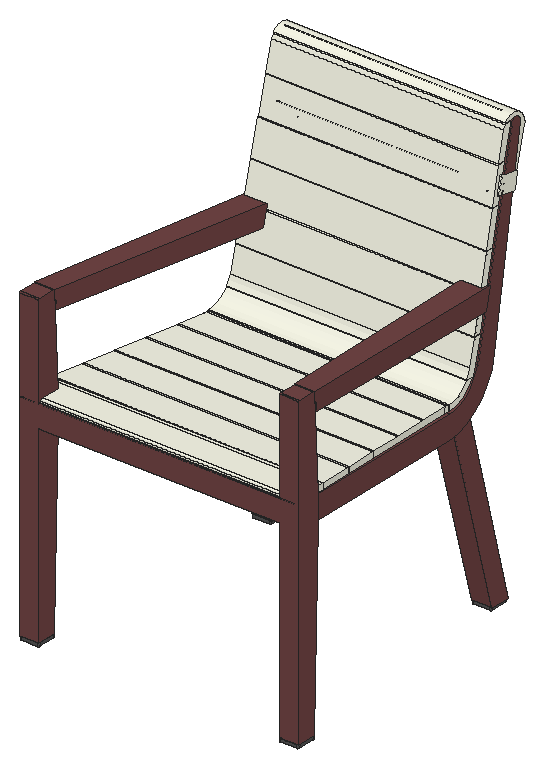
Revit family "Haworth_Janus_Quinta_Chair_Side", category Furniture, Revit 2018
Family settings
  OmniClass Number = 23.40.70.14.64.21
  OmniClass Title = Systems Furniture
  Work Plane-Based = No
  Always vertical = Yes
  Cut with Voids When Loaded = No
  Shared = No
  Room Calculation Point = No
Parameters (values of type "HCJC-QN-SA-J - With Arms - Fiber Frame - With Cushion")
  Without Arms = not(With Arms)  # no
  With Arms = yes
  Warranty = "https://www.haworth.com/resources/product-info/warranties"
  URL - Product = "https://www.haworth.com/products/seating/outdoor/quinta"
  Type Comments = ""
  Support Finish [instance] = Haworth _ Fabric _ JANUSfiber _ Bronze JJF-40
  Cushion Finish [instance] = Haworth _ Fabric _ JANUS _ Limestone JQ1-98
  Cushion = yes
  Arm Height = if(With Arms, 26 1/4", 18 1/4")  # 26 1/4"
  Model = "HCJC-QN-SA-J"
  URL = "http://www.haworth.com/our-brands/haworth-collection"
  Size = "Verify Final Dim. w/ Haworth"  # constant formula
  Revision Number = "2"  # constant formula
  Manufacturer = "Haworth"  # constant formula
  Seat Height = 18 1/4"  # constant formula
  Glide Finish = Haworth _ Polymer _ Black
  Description = "Haworth Janus Quinta - Side Chair with Arms"
  Author = "Haworth (Abd Rahman)"  # constant formula
  Assembly Code = "E2020200"
  Actual Width = if(With Arms, 23 1/2", 20 1/2")  # 23 1/2"
  Actual Height = 36"  # constant formula
  Actual Depth = 25 3/4"  # constant formula
Types (9): name | Without Arms | With Arms | Support Finish | Cushion | Arm Height | Model | Description | Actual Width
  (no name) | no | yes | Haworth _ Fabric _ JANUSfiber _ Bronze JJF-40 | yes | 26 1/4" | "HCJC-QN-SA-J" | "Haworth Janus Quinta - Side Chair with Arms" | 23 1/2"
  HCJC-QN-SA-J - With Arms - Fiber Frame - With Cushion | no | yes | Haworth _ Fabric _ JANUSfiber _ Bronze JJF-40 | yes | 26 1/4" | "HCJC-QN-SA-J" | "Haworth Janus Quinta - Side Chair with Arms" | 23 1/2"
  HCJC-QN-SN-W - Without Arms - Wood Frame - With Cushion | yes | no | Haworth _ Wood _ JanusQuinta _ Natural Teak JW1-97 | yes | 18 1/4" | "HCJC-QN-SN-W" | "Haworth Janus Quinta - Side Chair" | 20 1/2"
  HCJC-QN-SA-J - With Arms - Fiber Frame - No Cushion | no | yes | Haworth _ Fabric _ JANUSfiber _ Bronze JJF-40 | no | 26 1/4" | "HCJC-QN-SA-J" | "Haworth Janus Quinta - Side Chair with Arms" | 23 1/2"
  HCJC-QN-SN-J - Without Arms - Fiber Frame - No Cushion | yes | no | Haworth _ Fabric _ JANUSfiber _ Bronze JJF-40 | no | 18 1/4" | "HCJC-QN-SN-J" | "Haworth Janus Quinta - Side Chair" | 20 1/2"
  HCJC-QN-SA-W - With Arms - Wood Frame - No Cushion | no | yes | Haworth _ Wood _ JanusQuinta _ Natural Teak JW1-97 | no | 26 1/4" | "HCJC-QN-SA-W" | "Haworth Janus Quinta - Side Chair with Arms" | 23 1/2"
  HCJC-QN-SA-W - With Arms - Wood Frame - With Cushion | no | yes | Haworth _ Wood _ JanusQuinta _ Natural Teak JW1-97 | yes | 26 1/4" | "HCJC-QN-SA-W" | "Haworth Janus Quinta - Side Chair with Arms" | 23 1/2"
  HCJC-QN-SN-W - Without Arms - Wood Frame - No Cushion | yes | no | Haworth _ Wood _ JanusQuinta _ Natural Teak JW1-97 | no | 18 1/4" | "HCJC-QN-SN-W" | "Haworth Janus Quinta - Side Chair" | 20 1/2"
  HCJC-QN-SN-J - Without Arms - Fiber Frame - With Cushion | yes | no | Haworth _ Fabric _ JANUSfiber _ Bronze JJF-40 | yes | 18 1/4" | "HCJC-QN-SN-J" | "Haworth Janus Quinta - Side Chair" | 20 1/2"
Reference planes (in)
  plane 1 "Center F/B": y = -0.15866
  plane 2 "Floor": z = 0
  plane 3 "Center L/R": x = -0.125
  plane 4: z = 0
  plane 5: x = -11.875
  plane 6: y = 12.71634
  plane 7: y = -13.03366
  plane 8: x = 11.625
  plane 9 "Arm Height": z = 26.25
  plane 10: z = 0.25
  plane 11 "Leg Height": z = 18.25
  plane 12: z = 36
  plane 13 "Back leg 1": through (480, 5.25508, 15.13674) normal (0, 0.9644, 0.2643)
  plane 14 "Back leg 2": through (480, 6.93092, 15.6137) normal (0, 0.9677, 0.2521)
  plane 15: x = 10.02799
  plane 16: x = -10.27799
  plane 17: x = 8.28872
  plane 18: x = -8.53872
Forms (in)
  Extrusion 1, solid, material "Haworth _ Fabric _ JANUSfiber _ Bronze JJF-40" <- "Support Finish", visible <- "With Arms"
    sketch origin (-0.125, 0, 0) x (0, 1, 0) y (0, 0, 1)
      loop
        line (-11.45854, 26.23172) -> (-11.38468, 24.7067) -> (8.63761, 22.93896) -> (9.0611, 24.65913) -> (-11.45854, 26.23172)
    from 7.85551 to 12
  Extrusion 2, void
    sketch origin (0, 0, 0) x (1, 0, 0) y (0, 1, 0)
      loop
        line (11.71426, -11.7153) -> (12.49028, -11.7153) -> (12.49028, 9.2847) -> (9.99028, 9.2847) -> (11.71426, -11.7153)
      loop
        line (7.99639, 9.06112) -> (7.95953, 9.42999) -> (7.45953, 9.42999) -> (7.45953, -11.91514) -> (9.97618, -11.91514) -> (9.97618, -11.51545) -> (7.99639, 9.06112)
    from 14.27881 to 27.46666
  Extrusion 3, solid, material "Haworth _ Fabric _ JANUSfiber _ Bronze JJF-40" <- "Support Finish", visible <- "With Arms"
    sketch origin (-0.125, 0, 0) x (0, 1, 0) y (0, 0, -1)
      loop
        line (-11.45705, -26.24922) -> (9.06535, -24.67643) -> (8.63761, -22.93896) -> (-11.39684, -24.70778) -> (-11.45705, -26.24922)
    from 7.85551 to 12
  Extrusion 4, solid, material "Haworth _ Fabric _ JANUSfiber _ Bronze JJF-40" <- "Support Finish"
    sketch origin (-0.125, 0, 0) x (0, 1, 0) y (0, 0, 1)
      loop
        line (5.2517, 15.14906) -> (9.33519, 0.25) -> (10.93347, 0.25) -> (6.92493, 15.63671)
        arc (6.92493, 15.63671) -> (6.11207, 15.31137) -> (5.2517, 15.14906) r 4.51438
    from 8.41372 to 10.15299
  Extrusion 5, solid, material "Haworth _ Fabric _ JANUSfiber _ Bronze JJF-40" <- "Support Finish"
    sketch origin (-0.125, 0, 0) x (0, 1, 0) y (0, 0, -1)
      loop
        arc (5.24793, -15.16282) -> (6.10575, -15.3418) -> (6.91283, -15.68313) r 4.51438
        line (6.91283, -15.68313) -> (10.93347, -0.25) -> (9.33519, -0.25) -> (5.24793, -15.16282)
    from 8.41372 to 10.15299
  Extrusion 6, solid, material "Haworth _ Fabric _ JANUSfiber _ Bronze JJF-40" <- "Support Finish"
    sketch origin (-0.125, 0, 0.17962) x (0, 1, 0) y (0, 0, 1)
      loop
        line (-13.03366, 16.28384) -> (4.38484, 14.946)
        arc (4.38484, 14.946) -> (7.81051, 15.96375) -> (9.68181, 19.00829) r 5
        line (9.68181, 19.00829) -> (12.71665, 35.16543)
        arc (12.71665, 35.16543) -> (12.3312, 35.74638) -> (11.73974, 35.37726) r 0.5
        line (11.73974, 35.37726) -> (7.7431, 19.14333)
        arc (7.7431, 19.14333) -> (6.58892, 17.43016) -> (4.60084, 16.86925) r 3
        line (4.60084, 16.86925) -> (-13.03366, 18.22073) -> (-13.03366, 16.28384)
    from -11.75 to 11.75
  Extrusion 7, void
    sketch origin (0, 0, 0) x (1, 0, 0) y (0, 1, 0)
      loop
        line (-11.84957, -11.20717) -> (-9.81189, 13.61555) -> (-12.87816, 13.61555) -> (-12.87816, -11.20717) -> (-11.84957, -11.20717)
    from 13.03853 to 36.94343
  Extrusion 8, void
    sketch origin (-0.25, 0, 0) x (-1, 0, 0) y (0, -1, 0)
      loop
        line (11.71426, 11.7153) -> (9.99028, -9.2847) -> (12.49028, -9.2847) -> (12.49028, 11.7153) -> (11.71426, 11.7153)
      loop
        line (7.99639, -9.06112) -> (9.97618, 11.51545) -> (9.97618, 11.91514) -> (7.45953, 11.91514) -> (7.45953, -9.42999) -> (7.95953, -9.42999) -> (7.99639, -9.06112)
    from 14.27881 to 27.46666
  Extrusion 9, void
    sketch origin (-0.25, 0, 0) x (-1, 0, 0) y (0, -1, 0)
      loop
        line (-11.84957, 11.20717) -> (-12.87816, 11.20717) -> (-12.87816, -13.61555) -> (-9.81189, -13.61555) -> (-11.84957, 11.20717)
    from 13.03853 to 36.94343
  Extrusion 10, solid, material "Haworth _ Fabric _ JANUSfiber _ Bronze JJF-40" <- "Support Finish"
    sketch origin (-0.125, 0, 0) x (0, 1, 0) y (0, 0, 1)
      loop
        line (-13.03366, 0.25) -> (-11.45943, 0.25) -> (-11.07196, 16.31279) -> (-11.07196, 18.25) -> (-11.38504, 24.71409) -> (-11.45943, 26.25) -> (-12.97623, 26.25)
        arc (-12.97623, 26.25) -> (-13.01684, 26.23318) -> (-13.03366, 26.19257) r 0.05743
        line (-13.03366, 26.19257) -> (-13.03366, 0.25)
    from -11.75 to -10.15299
  Extrusion 11, solid, material "Haworth _ Fabric _ JANUSfiber _ Bronze JJF-40" <- "Support Finish"
    sketch origin (-0.125, 0, 0) x (0, 1, 0) y (0, 0, -1)
      loop
        line (-13.03366, -0.25) -> (-13.03366, -26.19257)
        arc (-13.03366, -26.19257) -> (-13.01684, -26.23318) -> (-12.97623, -26.25) r 0.05743
        line (-12.97623, -26.25) -> (-11.45943, -26.25) -> (-11.38504, -24.71409) -> (-11.07196, -18.25) -> (-11.07196, -16.31279) -> (-11.45943, -0.25) -> (-13.03366, -0.25)
    from -11.75 to -10.15299
  Extrusion 12, solid, material "Haworth _ Polymer _ Black" <- "Glide Finish"
    sketch origin (0, 0.21875, 0) x (1, 0, 0) y (0, 1, 0)
      loop
        arc (10.13813, -11.63996) -> (10.04944, -11.6767) -> (10.0127, -11.7654) r 0.12543
        line (10.0127, -11.7654) -> (10.0127, -13.17403)
        arc (10.0127, -13.17403) -> (10.04964, -13.26322) -> (10.13883, -13.30016) r 0.12613
        line (10.13883, -13.30016) -> (11.5, -13.30016)
        arc (11.5, -13.30016) -> (11.58839, -13.26355) -> (11.625, -13.17516) r 0.125
        line (11.625, -13.17516) -> (11.625, -11.76496)
        arc (11.625, -11.76496) -> (11.58839, -11.67658) -> (11.5, -11.63996) r 0.125
        line (11.5, -11.63996) -> (10.13813, -11.63996)
    from 0 to 0.25
  Extrusion 13, solid, material "Haworth _ Polymer _ Black" <- "Glide Finish"
    sketch origin (-0.25, 0.21875, 0) x (-1, 0, 0) y (0, -1, 0)
      loop
        line (10.13813, 11.63996) -> (11.5, 11.63996)
        arc (11.5, 11.63996) -> (11.58839, 11.67658) -> (11.625, 11.76496) r 0.125
        line (11.625, 11.76496) -> (11.625, 13.17516)
        arc (11.625, 13.17516) -> (11.58839, 13.26355) -> (11.5, 13.30016) r 0.125
        line (11.5, 13.30016) -> (10.13883, 13.30016)
        arc (10.13883, 13.30016) -> (10.04964, 13.26322) -> (10.0127, 13.17403) r 0.12613
        line (10.0127, 13.17403) -> (10.0127, 11.7654)
        arc (10.0127, 11.7654) -> (10.04944, 11.6767) -> (10.13813, 11.63996) r 0.12543
    from 0 to 0.25
  Extrusion 14, solid, material "Haworth _ Polymer _ Black" <- "Glide Finish"
    sketch origin (-1.66895, -2.32987, 0) x (1, 0, 0) y (0, 1, 0)
      loop
        line (10.13813, 11.63996) -> (11.5, 11.63996)
        arc (11.5, 11.63996) -> (11.58839, 11.67658) -> (11.625, 11.76496) r 0.125
        line (11.625, 11.76496) -> (11.625, 13.17516)
        arc (11.625, 13.17516) -> (11.58839, 13.26355) -> (11.5, 13.30016) r 0.125
        line (11.5, 13.30016) -> (10.13883, 13.30016)
        arc (10.13883, 13.30016) -> (10.04964, 13.26322) -> (10.0127, 13.17403) r 0.12613
        line (10.0127, 13.17403) -> (10.0127, 11.7654)
        arc (10.0127, 11.7654) -> (10.04944, 11.6767) -> (10.13813, 11.63996) r 0.12543
    from 0 to 0.25
  Extrusion 15, solid, material "Haworth _ Polymer _ Black" <- "Glide Finish"
    sketch origin (1.39766, -2.32989, 0) x (-1, 0, 0) y (0, -1, 0)
      loop
        arc (10.13813, -11.63996) -> (10.04944, -11.6767) -> (10.0127, -11.7654) r 0.12543
        line (10.0127, -11.7654) -> (10.0127, -13.17403)
        arc (10.0127, -13.17403) -> (10.04964, -13.26322) -> (10.13883, -13.30016) r 0.12613
        line (10.13883, -13.30016) -> (11.5, -13.30016)
        arc (11.5, -13.30016) -> (11.58839, -13.26355) -> (11.625, -13.17516) r 0.125
        line (11.625, -13.17516) -> (11.625, -11.76496)
        arc (11.625, -11.76496) -> (11.58839, -11.67658) -> (11.5, -11.63996) r 0.125
        line (11.5, -11.63996) -> (10.13813, -11.63996)
    from 0 to 0.25
Cuts and joins
  Extrusion 2, Extrusion 8 cuts Extrusion 1
  Extrusion 8, Extrusion 9 cuts Extrusion 4
  Extrusion 8, Extrusion 9 cuts Extrusion 5
  Extrusion 7, Extrusion 9 cuts Extrusion 6
  joined: Extrusion 4, Extrusion 5, Extrusion 6, Extrusion 10, Extrusion 11
  Extrusion 8, Extrusion 9 cuts Extrusion 3
Lines and regions (in)
  Masking region 1
    outline origin (0, 0, 0) x (1, 0, 0) y (0, 1, 0)
      loop
        line (-9.95857, 12.71634) -> (-12.07249, -13.03366) -> (11.82249, -13.03366) -> (9.70868, 12.71634) -> (-9.95857, 12.71634)
  symbolic lines, style "Haworth"
    curve 1: line (-10.27799, 6.93338, 0) -> (10.02799, 6.93338, 0)
Dimensions and locks (in)
  "Actual Width": plane 5 to plane 8
  equal spacing: plane 5, plane 3 "Center L/R", plane 8
  "Actual Depth": plane 6 to plane 7
  equal spacing: plane 6, plane 1 "Center F/B", plane 7
  "Seat Height": plane 11 "Leg Height" to plane 4
  plane 4 to plane 11 "Leg Height" = 18 1/4"
  "Arm Height": plane 9 "Arm Height" to plane 4
  "Actual Height": plane 12 to plane 4
  plane 18 to plane 16 to plane 5 = 1.73927" locked, 1.59701" locked
  plane 17 to plane 15 to plane 8 = 1.73927" locked, 1.59701" locked
  aligned and locked: Extrusion 6 to plane 5
  aligned and locked: Extrusion 6 to plane 8
  aligned and locked: cut or joined group 1 (Extrusion 4, Extrusion 5, Extrusion 6, Extrusion 7, Extrusion 8, Extrusion 9, Extrusion 10, Extrusion 11) to plane 8  (x2)
  aligned and locked: plane 15 to cut or joined group 1  (x2)
  aligned and locked: cut or joined group 1 to plane 10  (x2)
  aligned and locked: cut or joined group 1 to plane 5  (x2)
  aligned and locked: cut or joined group 1 to plane 16
  aligned and locked: cut or joined group 1 to plane 15
  aligned and locked: plane 18 to cut or joined group 1
  aligned and locked: plane 16 to cut or joined group 1
  aligned and locked: plane 17 to cut or joined group 1
  aligned and locked: plane 8 to Extrusion 12 sketch curve
  aligned and locked: Extrusion 12 to plane 4
  aligned and locked: plane 10 to Extrusion 12
  aligned and locked: plane 6 to Masking region 1 sketch curve
  aligned and locked: plane 7 to Masking region 1 sketch curve
Automatic sketch dimensions
  Extrusion 1 sketch curve to plane 9 "Arm Height" = 0.01828"
  plane 7 to Extrusion 1 sketch curve = 1.57512"
  Extrusion 1 sketch curve to Extrusion 1 sketch curve = 0.07386"
  plane 6 to Extrusion 1 sketch curve = 4.07873"
  Extrusion 1 sketch curve to plane 9 "Arm Height" = 1.59087"
  Extrusion 1 sketch curve to Extrusion 1 sketch curve = 0.42349"
  Extrusion 1 sketch curve to Extrusion 1 sketch curve = 1.72017"
  Extrusion 1 sketch curve to Extrusion 1 sketch curve = 1.52501"
  plane 17 to Extrusion 2 sketch curve = 0.82919"
  plane 17 to Extrusion 2 sketch curve = 0.32919"
  plane 17 to Extrusion 2 sketch curve = 0.29233"
  plane 15 to Extrusion 2 sketch curve = 0.0518"
  plane 15 to Extrusion 2 sketch curve = 0.0377"
  Extrusion 2 sketch curve to plane 8 = 0.08926"
  Extrusion 2 sketch curve to Extrusion 2 sketch curve = 0.77602"
  plane 7 to Extrusion 2 sketch curve = 1.11851"
  plane 7 to Extrusion 2 sketch curve = 1.31836"
  Extrusion 2 sketch curve to Extrusion 2 sketch curve = 0.39969"
  plane 6 to Extrusion 2 sketch curve = 3.65522"
  Extrusion 2 sketch curve to Extrusion 2 sketch curve = 0.22358"
  Extrusion 2 sketch curve to Extrusion 2 sketch curve = 0.36887"
  Extrusion 3 sketch curve to plane 9 "Arm Height" = 0.00078"
  plane 7 to Extrusion 3 sketch curve = 1.57661"
  Extrusion 3 sketch curve to Extrusion 3 sketch curve = 0.06021"
  plane 6 to Extrusion 3 sketch curve = 4.07873"
  Extrusion 3 sketch curve to plane 9 "Arm Height" = 1.57357"
  Extrusion 3 sketch curve to Extrusion 3 sketch curve = 0.42775"
  Extrusion 3 sketch curve to plane 9 "Arm Height" = 1.54222"
  Extrusion 3 sketch curve to Extrusion 3 sketch curve = 1.73747"
  Extrusion 4 sketch curve to plane 13 "Back leg 1" = 0"  (x2)
  Extrusion 4 sketch curve to plane 14 "Back leg 2" = 0"  (x2)
  Extrusion 4 sketch curve to plane 10 = 0"
  Extrusion 4 sketch curve to plane 11 "Leg Height" = 2 157/256"
  level to Extrusion 4 sketch curve = 15.14906"
  plane 11 "Leg Height" to Extrusion 4 sketch curve = 1.39543"
  Extrusion 5 sketch curve to plane 13 "Back leg 1" = 0"  (x2)
  Extrusion 5 sketch curve to plane 14 "Back leg 2" = 0"  (x2)
  Extrusion 5 sketch curve to plane 10 = 0"
  Extrusion 5 sketch curve to plane 11 "Leg Height" = 2.56687"
  level to Extrusion 5 sketch curve = 15.16282"
  plane 11 "Leg Height" to Extrusion 5 sketch curve = 1.40066"
  Extrusion 6 sketch curve to plane 7 = 0"
  Extrusion 6 sketch curve to plane 1 "Center F/B" = 4.5435"
  Extrusion 6 sketch curve to plane 11 "Leg Height" = 1.20113"
  Extrusion 6 sketch curve to Extrusion 6 sketch curve = 0.216"
  Extrusion 6 sketch curve to Extrusion 6 sketch curve = 0.1669"
  Extrusion 6 sketch curve to Extrusion 6 sketch curve = 0.06234"
  plane 11 "Leg Height" to Extrusion 6 sketch curve = 1.07294"
  Extrusion 6 sketch curve to Extrusion 6 sketch curve = 2.91302"
  plane 11 "Leg Height" to Extrusion 6 sketch curve = 0.93791"
  Extrusion 6 sketch curve to Extrusion 6 sketch curve = 1.93871"
  Extrusion 6 sketch curve to plane 12 = 0.44312"
  plane 6 to Extrusion 6 sketch curve = 0.9766"
  plane 6 to Extrusion 6 sketch curve = 0.4911"
  Extrusion 6 sketch curve to plane 6 = 0.00031"
  Extrusion 6 sketch curve to plane 11 "Leg Height" = 1.78654"
  Extrusion 6 sketch curve to Extrusion 6 sketch curve = 1.92325"
  plane 11 "Leg Height" to Extrusion 6 sketch curve = 0.15034"
  Extrusion 6 sketch curve to plane 12 = 0.65495"
  Extrusion 7 sketch curve to plane 5 = 1.00316"
  plane 5 to Extrusion 7 sketch curve = 0.02543"
  Extrusion 7 sketch curve to plane 16 = 0.4661"
  plane 7 to Extrusion 7 sketch curve = 1.82649"
  Extrusion 7 sketch curve to plane 6 = 0.89921"
  Extrusion 8 sketch curve to plane 18 = 0.82919"
  Extrusion 8 sketch curve to plane 18 = 0.32919"
  Extrusion 8 sketch curve to plane 18 = 0.29233"
  plane 16 to Extrusion 8 sketch curve = 0.0518"
  plane 16 to Extrusion 8 sketch curve = 0.0377"
  plane 5 to Extrusion 8 sketch curve = 0.08926"
  Extrusion 8 sketch curve to Extrusion 8 sketch curve = 0.77602"
  Extrusion 8 sketch curve to plane 7 = 1.11851"
  Extrusion 8 sketch curve to plane 7 = 1.31836"
  Extrusion 8 sketch curve to Extrusion 8 sketch curve = 0.39969"
  Extrusion 8 sketch curve to plane 6 = 3.65522"
  Extrusion 8 sketch curve to Extrusion 8 sketch curve = 0.22358"
  Extrusion 8 sketch curve to Extrusion 8 sketch curve = 0.36887"
  plane 8 to Extrusion 9 sketch curve = 1.00316"
  Extrusion 9 sketch curve to plane 8 = 0.02543"
  Extrusion 9 sketch curve to plane 15 = 0.4661"
  Extrusion 9 sketch curve to plane 7 = 1.82649"
  plane 6 to Extrusion 9 sketch curve = 0.89921"
  Extrusion 10 sketch curve to plane 7 = 0"
  Extrusion 10 sketch curve to plane 9 "Arm Height" = 0"
  Extrusion 10 sketch curve to plane 10 = 0"
  plane 7 to Extrusion 10 sketch curve = 0.05743"
  Extrusion 10 sketch curve to Extrusion 10 sketch curve = 1.5168"
  plane 7 to Extrusion 10 sketch curve = 1 147/256"
  plane 11 "Leg Height" to Extrusion 10 sketch curve = 0"
  plane 7 to Extrusion 10 sketch curve = 1.9617"
  Extrusion 10 sketch curve to plane 11 "Leg Height" = 1.93721"
  Extrusion 10 sketch curve to Extrusion 10 sketch curve = 0.07439"
  Extrusion 10 sketch curve to Extrusion 10 sketch curve = 0"  (x2)
  Extrusion 10 sketch curve to plane 9 "Arm Height" = 1.53591"
  Extrusion 11 sketch curve to plane 7 = 0"
  Extrusion 11 sketch curve to plane 9 "Arm Height" = 0"
  Extrusion 11 sketch curve to plane 10 = 0"
  plane 7 to Extrusion 11 sketch curve = 0.05743"
  Extrusion 11 sketch curve to Extrusion 11 sketch curve = 1.5168"
  plane 7 to Extrusion 11 sketch curve = 1 147/256"
  plane 11 "Leg Height" to Extrusion 11 sketch curve = 0"
  plane 7 to Extrusion 11 sketch curve = 1.9617"
  Extrusion 11 sketch curve to plane 11 "Leg Height" = 1.93721"
  Extrusion 11 sketch curve to Extrusion 11 sketch curve = 0.07439"
  Extrusion 11 sketch curve to Extrusion 11 sketch curve = 0"  (x2)
  Extrusion 11 sketch curve to plane 9 "Arm Height" = 1.53591"
  plane 7 to Extrusion 12 sketch curve = 0.07725"
  plane 8 to Extrusion 12 sketch curve = 1/8"
  Extrusion 12 sketch curve to Extrusion 12 sketch curve = 1/8"
  Extrusion 12 sketch curve to plane 15 = 0.11084"
  Extrusion 12 sketch curve to plane 15 = 0.11014"
  plane 15 to Extrusion 12 sketch curve = 0.01529"
  Extrusion 12 sketch curve to Extrusion 12 sketch curve = 1.40863"
  Extrusion 13 sketch curve to plane 5 = 0"
  Extrusion 13 sketch curve to plane 7 = 0.07725"
  Extrusion 13 sketch curve to Extrusion 13 sketch curve = 1/8"  (x2)
  Extrusion 13 sketch curve to plane 16 = 0.11084"
  Extrusion 13 sketch curve to plane 16 = 0.11014"
  plane 16 to Extrusion 13 sketch curve = 0.01529"
  Extrusion 13 sketch curve to Extrusion 13 sketch curve = 1.40863"
  Extrusion 14 sketch curve to plane 8 = 1.66895"
  Extrusion 14 sketch curve to plane 6 = 1.87105"
  Extrusion 14 sketch curve to Extrusion 14 sketch curve = 1/8"  (x2)
  Extrusion 14 sketch curve to plane 15 = 1.55811"
  Extrusion 14 sketch curve to plane 15 = 1.55881"
  Extrusion 14 sketch curve to plane 15 = 1.68424"
  Extrusion 14 sketch curve to Extrusion 14 sketch curve = 1.40863"
  plane 5 to Extrusion 15 sketch curve = 1.64766"
  plane 6 to Extrusion 15 sketch curve = 1.87107"
  plane 5 to Extrusion 15 sketch curve = 1.77266"
  Extrusion 15 sketch curve to Extrusion 15 sketch curve = 1/8"
  Extrusion 15 sketch curve to plane 16 = 1.53682"
  Extrusion 15 sketch curve to plane 16 = 1.53752"
  Extrusion 15 sketch curve to plane 16 = 1.66295"
  Extrusion 15 sketch curve to Extrusion 15 sketch curve = 1.40863"
  plane 5 to Masking region 1 sketch curve = 1.91643"
  plane 15 to Masking region 1 sketch curve = 0.31931"
  Masking region 1 sketch curve to plane 8 = 0.19749"
  Masking region 1 sketch curve to plane 5 = 0.19749"
  curve 1 to plane 16 = 0"
  curve 1 to plane 15 = 0"
  plane 6 to curve 1 = 5.78296"
Nested families (in)
  nested 1: "Haworth_JanusQuinta_Side_Chair_Cushion_Part" at (1.41372, -0.0373, 0), Cushion Finish <- "Cushion Finish", visible <- "Cushion", type "HCJC-QN-CPSA-JS - Seat and Back Cushions - PART"
    with Cushion Finish Haworth _ Fabric _ JANUS _ Limestone JQ1-98
Definition of nested family "Haworth_JanusQuinta_Side_Chair_Cushion_Part"
  Parameters (values of type "HCJC-QN-CPSA-JS - Seat and Back Cushions - PART")
    Warranty = "https://www.haworth.com/resources/product-info/warranties"
    URL - Product = "https://www.haworth.com/products/seating/outdoor/quinta"
    Type Comments = ""
    Model = "HCJC-QN-CPSA-JS"
    URL = "http://www.haworth.com/our-brands/haworth-collection"
    Size = "Verify Final Dim. w/ Haworth"  # constant formula
    Revision Number = "2"  # constant formula
    Manufacturer = "Haworth"  # constant formula
    Description = "Haworth Janus Quinta - Seat and Back Cushions - PART"
    Cushion Finish [instance] = none
    Author = "Haworth (Abd Rahman)"  # constant formula
    Assembly Code = "E2020200"
    Actual Width = 23 1/2"
    Actual Height = 36"
    Actual Depth = 25 3/4"  # constant formula
  Types (3): name | Model | Actual Width
    (no name) | "HCJC-QN-CPSA-JS" | 23 1/2"
    HCJC-QN-CPSN-JS - Seat and Back Cushions - PART | "HCJC-QN-CPSN-JS" | 20 1/2"
    HCJC-QN-CPSA-JS - Seat and Back Cushions - PART | "HCJC-QN-CPSA-JS" | 23 1/2"
  Reference planes (in)
    plane 1 "Center F/B": y = -0.15866
    plane 2 "Floor": z = 0
    plane 3 "Center L/R": x = -0.125
    plane 4: z = 0
    plane 5: y = 12.71634
    plane 6: y = -13.03366
    plane 7 "Arm Height": z = 26.25
    plane 8: z = 0.25
    plane 9 "Leg Height": z = 18.25
    plane 10: z = 36
    plane 11 "Back leg 1": through (480, 5.25508, 15.13674) normal (0, 0.9644, 0.2643)
    plane 12 "Back leg 2": through (480, 6.93092, 15.6137) normal (0, 0.9677, 0.2521)
    plane 13: x = 10.125
    plane 14: x = -13.375
  Forms (in)
    Extrusion 1, solid, material <- "Cushion Finish"
      sketch origin (-0.125, 0, 0) x (0, 1, 0) y (0, 0, 1)
        loop
          arc (11.73974, 35.55688) -> (12.3312, 35.92599) -> (12.71665, 35.34505) r 0.5
          line (12.71665, 35.34505) -> (11.79414, 30.43371)
          arc (11.79414, 30.43371) -> (11.88815, 30.35799) -> (11.98217, 30.43371) r 0.09623
          line (11.98217, 30.43371) -> (13.27157, 34.84806)
          arc (13.27157, 34.84806) -> (12.51256, 36.19892) -> (11.17824, 35.41118) r 1.08412
          line (11.17824, 35.41118) -> (7.20642, 19.27804)
          arc (7.20642, 19.27804) -> (6.29691, 17.92761) -> (4.73012, 17.48484) r 2.3655
          line (4.73012, 17.48484) -> (-10.39783, 18.63554)
          arc (-10.39783, 18.63554) -> (-11.58008, 18.69356) -> (-12.76374, 18.68791) r 22.00019
          arc (-12.76374, 18.68791) -> (-12.85533, 18.64993) -> (-12.89316, 18.55828) r 0.12942
          arc (-12.89316, 18.55828) -> (-12.89306, 18.4372) -> (-12.89316, 18.31612) r 72.79161
          arc (-12.89316, 18.31612) -> (-12.85422, 18.22389) -> (-12.76083, 18.18775) r 0.12819
          arc (-12.76083, 18.18775) -> (-11.59783, 18.19383) -> (-10.43608, 18.13862) r 21.50019
          line (-10.43608, 18.13862) -> (4.6243, 16.99299)
          arc (4.6243, 16.99299) -> (6.58406, 17.54682) -> (7.72169, 19.23596) r 2.95879
          line (7.72169, 19.23596) -> (11.73974, 35.55688)
      from -13.25 to 10.25
    Extrusion 2, solid, material <- "Cushion Finish"
      sketch origin (-0.125, 0, 0) x (0, 1, 0) y (0, 0, 1)
        loop
          line (12.03214, 32.00117) -> (10.98538, 32.19232) -> (10.6752, 32.26712)
          arc (10.6752, 32.26712) -> (10.62426, 32.25916) -> (10.59378, 32.21757) r 0.06754
          line (10.59378, 32.21757) -> (10.2823, 30.94916)
          arc (10.2823, 30.94916) -> (10.28969, 30.90103) -> (10.32898, 30.87228) r 0.06352
          line (10.32898, 30.87228) -> (10.6425, 30.79607) -> (11.90302, 30.55911)
          arc (11.90302, 30.55911) -> (11.961, 30.57128) -> (11.99339, 30.62088) r 0.0774
          line (11.99339, 30.62088) -> (12.22525, 31.85427)
          arc (12.22525, 31.85427) -> (12.21323, 31.92063) -> (12.16003, 31.96207) r 0.09447
          line (12.16003, 31.96207) -> (12.03214, 32.00117)
      from -8.52417 to -7.44776
    Extrusion 3, void
      sketch origin (0, -0.15866, 0) x (1, 0, 0) y (0, 0, 1)
        loop
          line (8.55257, 15.77168) -> (10.64077, 15.77168) -> (10.64077, 36.50711) -> (8.14077, 36.50711) -> (8.55257, 15.77168)
      from -16.01974 to -4.65493
    Extrusion 4, void
      sketch origin (-0.25, -0.15866, 0) x (-1, 0, 0) y (0, 0, -1)
        loop
          line (11.55257, -15.77168) -> (11.14077, -36.50711) -> (13.64077, -36.50711) -> (13.64077, -15.77168) -> (11.55257, -15.77168)
      from -16.01974 to -4.65493
    Extrusion 5, void
      sketch origin (0, 0, 0) x (1, 0, 0) y (0, 1, 0)
        loop
          line (8.50749, 4.49627) -> (10.125, -12.89385) -> (10.875, -12.89385) -> (10.875, 4.49627) -> (8.50749, 4.49627)
      from 15.29493 to 19.50348
    Extrusion 6, void
      sketch origin (-0.25, 0, 0) x (-1, 0, 0) y (0, -1, 0)
        loop
          line (11.50749, -4.49627) -> (13.875, -4.49627) -> (13.875, 12.89385) -> (13.125, 12.89385) -> (11.50749, -4.49627)
      from 15.29493 to 19.50348
    Extrusion 7, solid, material <- "Cushion Finish"
      sketch origin (-0.125, 0, 0) x (0, 1, 0) y (0, 0, -1)
        loop
          line (12.03214, -32.00117) -> (12.16003, -31.96207)
          arc (12.16003, -31.96207) -> (12.21323, -31.92063) -> (12.22525, -31.85427) r 0.09447
          line (12.22525, -31.85427) -> (11.99339, -30.62088)
          arc (11.99339, -30.62088) -> (11.961, -30.57128) -> (11.90302, -30.55911) r 0.0774
          line (11.90302, -30.55911) -> (10.6425, -30.79607) -> (10.32898, -30.87228)
          arc (10.32898, -30.87228) -> (10.28969, -30.90103) -> (10.2823, -30.94916) r 0.06352
          line (10.2823, -30.94916) -> (10.59378, -32.21757)
          arc (10.59378, -32.21757) -> (10.62426, -32.25916) -> (10.6752, -32.26712) r 0.06754
          line (10.6752, -32.26712) -> (10.98538, -32.19232) -> (12.03214, -32.00117)
      from -8.52417 to -7.44776
    Extrusion 8, void
      sketch origin (0, -0.15866, 0) x (1, 0, 0) y (0, 0, 1)
        loop
          line (-11.56244, 33.06616) -> (-11.56244, 32.98902) -> (8.30685, 32.98902) -> (8.30685, 33.06616) -> (-11.56244, 33.06616)
      from -11.66697 to -10.42517
    Extrusion 9, void
      sketch origin (-0.03564, -0.15866, -2.92331) x (1, 0, 0) y (0, 0, 1)
        loop
          line (-11.57314, 33.06616) -> (-11.57314, 32.98902) -> (8.51598, 32.98902) -> (8.51598, 33.06616) -> (-11.57314, 33.06616)
      from -10.96749 to -9.43813
    Extrusion 10, void
      sketch origin (-0.09033, -0.15866, -5.83722) x (1, 0, 0) y (0, 0, 1)
        loop
          line (-11.69406, 33.06616) -> (-11.69406, 32.98902) -> (8.53875, 32.98902) -> (8.53875, 33.06616) -> (-11.69406, 33.06616)
      from -11.66697 to -8.99447
    Extrusion 11, void
      sketch origin (-0.14501, -0.15866, -8.7458) x (1, 0, 0) y (0, 0, 1)
        loop
          line (-11.59347, 33.06616) -> (-11.59347, 32.98902) -> (8.72563, 32.98902) -> (8.72563, 33.06616) -> (-11.59347, 33.06616)
      from -9.70982 to -8.03723
    Extrusion 12, void
      sketch origin (-0.25439, -0.15866, -11.65872) x (1, 0, 0) y (0, 0, 1)
        loop
          line (-11.61061, 33.06616) -> (-11.61061, 32.98902) -> (8.77684, 32.98902) -> (8.77684, 33.06616) -> (-11.61061, 33.06616)
      from -8.99447 to -7.15592
    Extrusion 13, void
      sketch origin (0, 0, 0) x (1, 0, 0) y (0, 1, 0)
        loop
          line (-13.09558, -9.88978) -> (-13.09558, -10.04584) -> (9.8601, -10.04584) -> (9.8601, -9.88978) -> (-13.09558, -9.88978)
      from 17.54306 to 19.26361
    Extrusion 14, void
      sketch origin (0, 3.01044, 0) x (1, 0, 0) y (0, 1, 0)
        loop
          line (-12.84244, -9.88978) -> (-12.84244, -10.04584) -> (9.60455, -10.04584) -> (9.60455, -9.88978) -> (-12.84244, -9.88978)
      from 17.54306 to 19.26361
    Extrusion 15, void
      sketch origin (0, 5.96094, 0) x (1, 0, 0) y (0, 1, 0)
        loop
          line (-12.59485, -9.88978) -> (-12.59485, -10.04584) -> (9.34831, -10.04584) -> (9.34831, -9.88978) -> (-12.59485, -9.88978)
      from 17.54306 to 19.26361
    Extrusion 16, void
      sketch origin (0, 8.90953, 0) x (1, 0, 0) y (0, 1, 0)
        loop
          line (-12.33906, -9.88978) -> (-12.33906, -10.04584) -> (9.07934, -10.04584) -> (9.07934, -9.88978) -> (-12.33906, -9.88978)
      from 17.54306 to 19.26361
    Extrusion 17, void
      sketch origin (0, 11.92187, 0) x (1, 0, 0) y (0, 1, 0)
        loop
          line (-12.08326, -9.88978) -> (-12.08326, -10.04584) -> (8.82354, -10.04584) -> (8.82354, -9.88978) -> (-12.08326, -9.88978)
      from 17.54306 to 19.26361
    Extrusion 18, void
      sketch origin (0, 14.88645, 0) x (1, 0, 0) y (0, 1, 0)
        loop
          line (-11.82296, -9.88978) -> (-11.82296, -10.04584) -> (8.56938, -10.04584) -> (8.56938, -9.88978) -> (-11.82296, -9.88978)
      from 16.78559 to 18.0853
    Extrusion 19, void
      sketch origin (-0.25439, -0.15866, -14.5434) x (1, 0, 0) y (0, 0, 1)
        loop
          line (-11.61061, 33.06616) -> (-11.61061, 32.98902) -> (8.77684, 32.98902) -> (8.77684, 33.06616) -> (-11.61061, 33.06616)
      from -8.06056 to -6.77958
    Extrusion 20, void
      sketch origin (0, -0.15866, 2.75) x (1, 0, 0) y (0, 0, 1)
        loop
          line (-11.56244, 33.06616) -> (-11.56244, 32.98902) -> (8.30685, 32.98902) -> (8.30685, 33.06616) -> (-11.56244, 33.06616)
      from -12.11173 to -11.2806
  Cuts and joins
    Extrusion 3, Extrusion 4, Extrusion 5, Extrusion 6, Extrusion 8, Extrusion 9, Extrusion 10, Extrusion 11, Extrusion 12, Extrusion 13, Extrusion 14, Extrusion 15, Extrusion 16, Extrusion 17, Extrusion 18, Extrusion 19, Extrusion 20 cuts Extrusion 1
    Extrusion 4 cuts Extrusion 2
  Lines and regions (in)
    Masking region 1
      outline origin (0, 0, 0) x (1, 0, 0) y (0, 1, 0)
        loop
          line (8.16113, 12.71634) -> (-11.41113, 12.71634) -> (-12.1863, -0.11392) -> (-13.388, -13.03366) -> (10.138, -13.03366) -> (8.9363, -0.11392) -> (8.16113, 12.71634)
  Dimensions and locks (in)
    "Actual Depth": plane 5 to plane 6
    equal spacing: plane 5, plane 1 "Center F/B", plane 6
    locked: plane 9 "Leg Height" to plane 4 at 18.25
    plane 4 to plane 9 "Leg Height" = 18 1/4"
    locked: plane 7 "Arm Height" to plane 4 at 26.25
    "Actual Height": plane 10 to plane 4
    "Actual Width": plane 14 to plane 13
    aligned and locked: Extrusion 1 to plane 13
    aligned and locked: plane 14 to Extrusion 1
  Automatic sketch dimensions
    Extrusion 1 sketch curve to Extrusion 1 sketch curve = 0"  (x4)
    plane 9 "Leg Height" to Extrusion 1 sketch curve = 0.18726"
    Extrusion 1 sketch curve to plane 6 = 72.65101"
    plane 9 "Leg Height" to Extrusion 1 sketch curve = 0.06591"
    plane 6 to Extrusion 1 sketch curve = 0.26869"
    Extrusion 1 sketch curve to Extrusion 1 sketch curve = 0.00123"
    plane 6 to Extrusion 1 sketch curve = 0.96668"
    plane 9 "Leg Height" to Extrusion 1 sketch curve = 0.38554"
    Extrusion 1 sketch curve to Extrusion 1 sketch curve = 2.36591"
    Extrusion 1 sketch curve to plane 9 "Leg Height" = 1.25701"
    Extrusion 1 sketch curve to plane 1 "Center F/B" = 4.78296"
    Extrusion 1 sketch curve to plane 9 "Leg Height" = 0.76516"
    Extrusion 1 sketch curve to Extrusion 1 sketch curve = 0.10582"
    Extrusion 1 sketch curve to Extrusion 1 sketch curve = 0.11856"
    Extrusion 1 sketch curve to Extrusion 1 sketch curve = 0.06083"
    plane 9 "Leg Height" to Extrusion 1 sketch curve = 1.02804"
    Extrusion 1 sketch curve to Extrusion 1 sketch curve = 2.29692"
    plane 9 "Leg Height" to Extrusion 1 sketch curve = 0.98596"
    Extrusion 1 sketch curve to Extrusion 1 sketch curve = 0.51527"
    Extrusion 1 sketch curve to plane 10 = 0.58882"
    plane 5 to Extrusion 1 sketch curve = 1.5381"
    Extrusion 1 sketch curve to Extrusion 1 sketch curve = 0.5615"
    plane 5 to Extrusion 1 sketch curve = 0.9222"
    Extrusion 1 sketch curve to Extrusion 1 sketch curve = 0.09402"  (x2)
    plane 5 to Extrusion 1 sketch curve = 0.4911"
    Extrusion 1 sketch curve to Extrusion 1 sketch curve = 0.00569"
    Extrusion 1 sketch curve to plane 5 = 0.00031"
    Extrusion 1 sketch curve to plane 5 = 0.55523"
    Extrusion 1 sketch curve to level = 3.30124"
    Extrusion 1 sketch curve to Extrusion 1 sketch curve = 0.12942"
    plane 7 "Arm Height" to Extrusion 1 sketch curve = 4.18371"
    Extrusion 1 sketch curve to Extrusion 1 sketch curve = 0.0205"
    Extrusion 1 sketch curve to plane 10 = 1.15194"
    Extrusion 1 sketch curve to Extrusion 1 sketch curve = 0.19303"
    Extrusion 1 sketch curve to Extrusion 1 sketch curve = 0.28533"
    plane 9 "Leg Height" to Extrusion 1 sketch curve = 0.06612"
    Extrusion 1 sketch curve to plane 9 "Leg Height" = 0.06222"
    Extrusion 1 sketch curve to plane 9 "Leg Height" = 0.11299"
    Extrusion 1 sketch curve to Extrusion 1 sketch curve = 0.03837"
    Extrusion 1 sketch curve to plane 9 "Leg Height" = 0.11138"
    Extrusion 1 sketch curve to Extrusion 1 sketch curve = 0.00012"
    plane 5 to Extrusion 2 sketch curve = 2.43404"
    Extrusion 2 sketch curve to Extrusion 2 sketch curve = 0.04669"
    Extrusion 2 sketch curve to Extrusion 2 sketch curve = 0.06169"
    Extrusion 2 sketch curve to Extrusion 2 sketch curve = 0.31148"
    Extrusion 2 sketch curve to Extrusion 2 sketch curve = 0.31352"
    Extrusion 2 sketch curve to Extrusion 2 sketch curve = 0.06559"
    Extrusion 2 sketch curve to Extrusion 2 sketch curve = 0.01583"
    Extrusion 2 sketch curve to Extrusion 2 sketch curve = 0.31018"
    plane 5 to Extrusion 2 sketch curve = 0.81332"
    Extrusion 2 sketch curve to Extrusion 2 sketch curve = 0.0143"
    Extrusion 2 sketch curve to Extrusion 2 sketch curve = 0.07607"
    plane 5 to Extrusion 2 sketch curve = 0.68421"
    Extrusion 2 sketch curve to Extrusion 2 sketch curve = 0.10027"
    Extrusion 2 sketch curve to Extrusion 2 sketch curve = 0.02762"
    Extrusion 2 sketch curve to Extrusion 2 sketch curve = 0.09284"
    plane 7 "Arm Height" to Extrusion 2 sketch curve = 4.30911"
    Extrusion 2 sketch curve to Extrusion 2 sketch curve = 0.06177"
    Extrusion 2 sketch curve to Extrusion 2 sketch curve = 0.23696"
    Extrusion 2 sketch curve to Extrusion 2 sketch curve = 0.07621"
    Extrusion 2 sketch curve to Extrusion 2 sketch curve = 0.06173"
    Extrusion 2 sketch curve to Extrusion 2 sketch curve = 1.2334"
    Extrusion 2 sketch curve to Extrusion 2 sketch curve = 0.01745"
    Extrusion 2 sketch curve to Extrusion 2 sketch curve = 0.0391"
    Extrusion 2 sketch curve to Extrusion 2 sketch curve = 0.19115"
    Extrusion 2 sketch curve to Extrusion 2 sketch curve = 0.00914"
    Extrusion 2 sketch curve to Extrusion 2 sketch curve = 0.01611"
    plane 10 to Extrusion 3 sketch curve = 0.50711"
    plane 13 to Extrusion 3 sketch curve = 1.98423"
    plane 13 to Extrusion 3 sketch curve = 1.57243"
    Extrusion 3 sketch curve to plane 13 = 0.51577"
    Extrusion 3 sketch curve to plane 9 "Leg Height" = 2.47832"
    Extrusion 4 sketch curve to plane 10 = 0.50711"
    plane 14 to Extrusion 4 sketch curve = 1.98423"
    plane 14 to Extrusion 4 sketch curve = 1.57243"
    Extrusion 4 sketch curve to plane 14 = 0.51577"
    plane 9 "Leg Height" to Extrusion 4 sketch curve = 2.47832"
    Extrusion 5 sketch curve to plane 13 = 0"
    plane 13 to Extrusion 5 sketch curve = 1.61751"
    Extrusion 5 sketch curve to plane 13 = 3/4"
    plane 6 to Extrusion 5 sketch curve = 0.13981"
    Extrusion 5 sketch curve to plane 1 "Center F/B" = 4.65493"
    Extrusion 6 sketch curve to plane 14 = 0"
    plane 14 to Extrusion 6 sketch curve = 1.61751"
    Extrusion 6 sketch curve to plane 14 = 3/4"
    Extrusion 6 sketch curve to plane 6 = 0.13981"
    plane 1 "Center F/B" to Extrusion 6 sketch curve = 4.65493"
    plane 5 to Extrusion 7 sketch curve = 2.43404"
    Extrusion 7 sketch curve to Extrusion 7 sketch curve = 0.04669"
    Extrusion 7 sketch curve to Extrusion 7 sketch curve = 0.015"
    Extrusion 7 sketch curve to Extrusion 7 sketch curve = 0.31148"
    Extrusion 7 sketch curve to Extrusion 7 sketch curve = 0.31352"
    Extrusion 7 sketch curve to Extrusion 7 sketch curve = 0.06559"
    Extrusion 7 sketch curve to Extrusion 7 sketch curve = 0.01583"
    Extrusion 7 sketch curve to Extrusion 7 sketch curve = 0.31018"
    plane 5 to Extrusion 7 sketch curve = 0.81332"
    Extrusion 7 sketch curve to Extrusion 7 sketch curve = 0.0143"  (x2)
    Extrusion 7 sketch curve to Extrusion 7 sketch curve = 0.07607"
    plane 5 to Extrusion 7 sketch curve = 0.68421"
    Extrusion 7 sketch curve to Extrusion 7 sketch curve = 0.10027"
    Extrusion 7 sketch curve to Extrusion 7 sketch curve = 0.02762"
    Extrusion 7 sketch curve to Extrusion 7 sketch curve = 0.09284"
    Extrusion 7 sketch curve to plane 10 = 3.73288"
    Extrusion 7 sketch curve to Extrusion 7 sketch curve = 0.04955"
    Extrusion 7 sketch curve to Extrusion 7 sketch curve = 0.0748"
    Extrusion 7 sketch curve to Extrusion 7 sketch curve = 0.19115"
    Extrusion 7 sketch curve to Extrusion 7 sketch curve = 0.0391"
    Extrusion 7 sketch curve to Extrusion 7 sketch curve = 0.09034"
    Extrusion 7 sketch curve to Extrusion 7 sketch curve = 1.26842"
    Extrusion 7 sketch curve to Extrusion 7 sketch curve = 0.01515"
    Extrusion 7 sketch curve to Extrusion 7 sketch curve = 0.07621"
    Extrusion 7 sketch curve to Extrusion 7 sketch curve = 1.23655"
    Extrusion 8 sketch curve to plane 14 = 1.81256"
    plane 13 to Extrusion 8 sketch curve = 1.81815"
    Extrusion 8 sketch curve to plane 10 = 3.01098"
    Extrusion 8 sketch curve to Extrusion 8 sketch curve = 0.07714"
    Extrusion 9 sketch curve to plane 14 = 1.76622"
    plane 13 to Extrusion 9 sketch curve = 1.64466"
    plane 7 "Arm Height" to Extrusion 9 sketch curve = 3.81571"
    Extrusion 9 sketch curve to Extrusion 9 sketch curve = 0.07714"
    Extrusion 10 sketch curve to plane 14 = 1.59062"
    plane 13 to Extrusion 10 sketch curve = 1.67657"
    plane 7 "Arm Height" to Extrusion 10 sketch curve = 0.9018"
    Extrusion 10 sketch curve to Extrusion 10 sketch curve = 0.07714"
    Extrusion 11 sketch curve to plane 14 = 1.63651"
    plane 13 to Extrusion 11 sketch curve = 1.54439"
    Extrusion 11 sketch curve to plane 7 "Arm Height" = 2.00678"
    Extrusion 11 sketch curve to Extrusion 11 sketch curve = 0.07714"
    Extrusion 12 sketch curve to plane 14 = 1.51"
    plane 13 to Extrusion 12 sketch curve = 1.60255"
    plane 9 "Leg Height" to Extrusion 12 sketch curve = 3.0803"
    Extrusion 12 sketch curve to Extrusion 12 sketch curve = 0.07714"
    Extrusion 13 sketch curve to plane 14 = 0.27942"
    plane 13 to Extrusion 13 sketch curve = 0.2649"
    plane 6 to Extrusion 13 sketch curve = 2.98782"
    Extrusion 13 sketch curve to Extrusion 13 sketch curve = 0.15606"
    Extrusion 14 sketch curve to plane 14 = 0.53256"
    plane 13 to Extrusion 14 sketch curve = 0.52045"
    plane 6 to Extrusion 14 sketch curve = 5.99826"
    Extrusion 14 sketch curve to Extrusion 14 sketch curve = 0.15606"
    Extrusion 15 sketch curve to plane 14 = 0.78015"
    plane 13 to Extrusion 15 sketch curve = 0.77669"
    plane 1 "Center F/B" to Extrusion 15 sketch curve = 3.92625"
    Extrusion 15 sketch curve to Extrusion 15 sketch curve = 0.15606"
    Extrusion 16 sketch curve to plane 14 = 1.03594"
    plane 13 to Extrusion 16 sketch curve = 1.04566"
    plane 1 "Center F/B" to Extrusion 16 sketch curve = 0.97765"
    Extrusion 16 sketch curve to Extrusion 16 sketch curve = 0.15606"
    Extrusion 17 sketch curve to plane 14 = 1.29174"
    plane 13 to Extrusion 17 sketch curve = 1.30146"
    Extrusion 17 sketch curve to plane 1 "Center F/B" = 2.03469"
    Extrusion 17 sketch curve to Extrusion 17 sketch curve = 0.15606"
    Extrusion 18 sketch curve to plane 14 = 1.55204"
    plane 13 to Extrusion 18 sketch curve = 1.55562"
    Extrusion 18 sketch curve to plane 1 "Center F/B" = 4.99927"
    Extrusion 18 sketch curve to Extrusion 18 sketch curve = 0.15606"
    plane 9 "Leg Height" to Extrusion 19 sketch curve = 0.19562"
    Extrusion 19 sketch curve to plane 14 = 1.51"
    plane 13 to Extrusion 19 sketch curve = 1.60255"
    Extrusion 19 sketch curve to Extrusion 19 sketch curve = 0.07714"
    Extrusion 20 sketch curve to plane 10 = 0.26098"
    Extrusion 20 sketch curve to plane 14 = 1.81256"
    plane 13 to Extrusion 20 sketch curve = 1.81815"
    Extrusion 20 sketch curve to Extrusion 20 sketch curve = 0.07714"
    Masking region 1 sketch curve to plane 1 "Center F/B" = 0.04474"  (x2)
    Masking region 1 sketch curve to plane 14 = 1.1887"
    plane 13 to Masking region 1 sketch curve = 1.1887"
    plane 14 to Masking region 1 sketch curve = 0.013"
    Masking region 1 sketch curve to plane 14 = 1.96387"
    plane 13 to Masking region 1 sketch curve = 1.96387"
    Masking region 1 sketch curve to plane 13 = 0.013"
    plane 6 to Masking region 1 sketch curve = 0"
    plane 5 to Masking region 1 sketch curve = 0"
